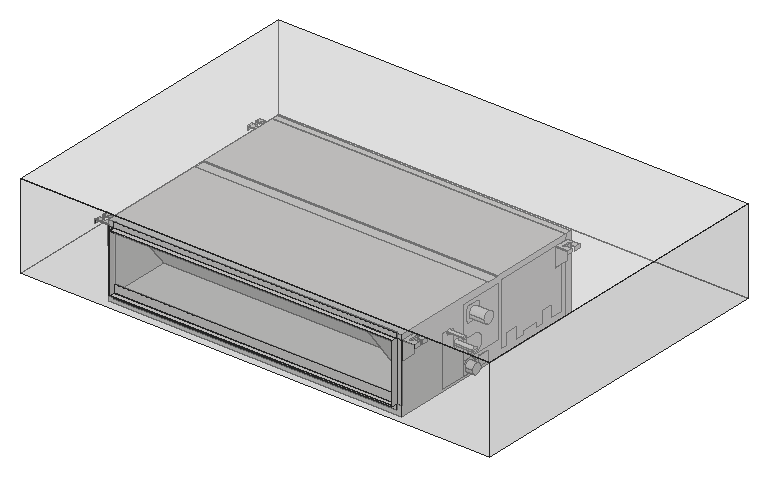
Revit family "outputfile", category 機械設備, Revit 2024
Family settings
  丸型コネクタ寸法 = 半径を使用
  パーツ タイプ = 標準
  OmniClass 番号 = 23.75.10.24.21.27.27
  OmniClass タイトル = Split System Air Conditioning Units
  作業面ベース = いいえ
  常に垂直 = はい
  ロード時にボイドで切り取り = いいえ
  注釈の向きを維持 = いいえ
  共有 = いいえ
  部屋計算ポイント = はい
Parameters (values of type "FDMC85AV1M")
  Description = ""
  書き出し IFC クラス(タイプ) = "IfcUnitaryEquipmentType"
  定義済み IFC タイプ(タイプ) = "AIRCONDITIONINGUNIT"
  Cost = 0
  Type Comments = ""
  Keynote = ""
  Type Image = (empty or 0)
  Assembly Code = ""
  switch_frequency = yes
  connector_voltage = Voltage_50Hz  # 230 V
  connector_powerinput = [Power Input (Cooling)]  # 2.770 kW
  connector_phase = Phase_50Hz  # 1
  URL = ""
  Supply Air Direction [instance] = yes
  製造元 = "Daikin"
  モデル = "FDMC85AV1M"
  w_pipe = 33 mm
  r_Liquid Pipe Size = Liquid Pipe Size / 2  # 4.75 mm
  r_Gas Pipe Size = Gas Pipe Size / 2  # 7.95 mm
  r_Drain Pipe Size = Drain Pipe Size / 2  # 16.0 mm
  lw_powersupply = Width / 2  # 500 mm
  lw_ductflange2 = 962 mm
  lw_Width = 962 mm
  lh_suctionflange [instance] = 100 mm
  ld_suctionflange [instance] = 190 mm
  ld_powersupply = 263 mm
  angle_vertical_RA [instance] = 90.00°
  angle horizontal_RA [instance] = 180.00°
  Voltage_comment_50Hz = "220 - 240"
  Voltage_50Hz = 230 V
  Sound Power Level_H speed (dB) = 0
  RA_length = 190 mm  # constant formula
  Phase_50Hz = 1
  Minimum External Static Pressure = 0.00 Pa
  Minimum Circuit Amps_50Hz = 25.25 A
  Maximum Fuse Amps_50Hz = 25.0 A
  Maximum External Static Pressure = 0.00 Pa
  Material_Casing = DAIKIN_GalvanizedSteel_Casing_indoorunit
  lw_liquidpipe = 557.9 mm
  lw_gaspipe = 567.5 mm
  lw_mountinghole_pitch = 1046 mm
  lw_mountinghole = 20 mm
  lw_drainpipe = 526 mm
  lh_powersupply = 43.2 mm
  lh_liquidpipe = 175 mm
  lh_gaspipe = 128 mm
  lh_mountinghole = Height + [h***] - 15 mm  # 235 mm
  lh_drainpipe = 29 mm
  lh_antena = (Height - lh_mountinghole) + 1 mm  # 16 mm
  ld_liquidpipe = 153 mm
  ld_gaspipe = 123 mm
  ld_mountinghole_pitch = 651 mm
  ld_drainpipe = 64 mm
  ld_controlbox = 626 mm
  h*** = 0 mm  # constant formula
  d_dischargeflange = 20 mm  # constant formula
  Width = 1000 mm
  Version = "ver.1.0"
  Unit Type = "Duct"
  Unit Mass Weight = 31.00 kg
  Unit Designation [instance] = ""
  Uniclass2015Version = "Products v1.30"
  Uniclass2015Title = "Split coil room air conditioning units"
  Uniclass2015Code = "Pr_70_65_03_86"
  Total Cooling Capacity [instance] = 0.000 kW
  Sound Pressure Level_M speed (dBA) = 38
  Sound Pressure Level_L speed (dBA) = 35
  Sound Pressure Level_H speed (dBA) = 41
  Series = "SkyAir_Fan Coil Unit"
  Sensible Cooling Capacity [instance] = 0.000 kW
  SA Duct Size Width = 962 mm
  SA Duct Size Height = 200 mm
  Refrigerant Type = "R32"
  RA Duct Size Width = 962 mm
  RA Duct Size Height = 214 mm
  Power Input (Cooling) = 2.770 kW
  Option Accessory 3 [instance] = ""
  Option Accessory 2 [instance] = ""
  Option Accessory 1 [instance] = ""
  Nominal Cooling Capacity = 8.790 kW
  Minimum Airflow = 1189.00 m³/h
  Median Airflow = 1376.00 m³/h
  Maximum Airflow = 1614.00 m³/h
  Load Classification = HVAC
  Liquid Pipe Size = 9.5 mm
  Link_Nested Family [instance] = ""
  IfcVersion = ""
  IfcExportType = "AIRCONDITIONINGUNIT"
  IfcExportAs = "IfcUnitaryEquipmentType"
  Height = 250 mm
  Heat Exchanger Type = "Cross Fin Coil"
  Gas Pipe Size = 15.9 mm
  Frequency_50Hz = 50 Hz
  Fan Type = "Sirocco Fan"
  Fan Drive = "-"
  FCU Tag No. [instance] = ""
  Drain Pipe Size = 32.0 mm
  Design Supply Airflow [instance] = 0.00 m³/h
  Design Return Airflow [instance] = 0.00 m³/h
  Design External Static Pressure [instance] = 0.00 Pa
  Depth = 700 mm
  既定の高さ = 0 mm
  Cooling Entering Wet Bulb Temperature [instance] = 0.00 °C
  Cooling Entering Dry Bulb Temperature [instance] = 0.00 °C
  Cooling Ambient Wet Bulb Temperature [instance] = 0.00 °C
  Cooling Ambient Dry Bulb Temperature [instance] = 0.00 °C
  Clearance visibility [instance] = yes
  Clearance Top = 20 mm
  Clearance Right = 300 mm
  Clearance Rear = 400 mm
  Clearance Left = 300 mm
  Clearance Front = 0 mm
  Clearance Bottom = 20 mm
Reference planes
  plane 1 "Center (Front/Back)": y = 0
  plane 2: z = 0
  plane 3 "Center (Left/Right)": x = 0
  plane 4 "Back": y = 350
  plane 5 "Front": y = -350
  plane 6 "Left": x = -500
  plane 7 "Right": x = 500
  plane 8 "Top": z = 0
  plane 9 "Bottom": z = -250
  plane 10: x = 481
  plane 11: x = -480.2
  plane 12: z = -72
  plane 13: z = -75
  plane 14: z = -122
  plane 15: x = -304
  plane 16: x = 304
  plane 17: x = -523
  plane 18: x = 523
  plane 19: x = 557.9
  plane 20: x = 567.5
  plane 21: z = -15
  plane 22 "Clearance Left": x = -800
  plane 23 "Clearance Right": x = 800
  plane 24 "Clearance Rear": y = 750
  plane 25 "Clearance Front": y = -350
  plane 26 "Clearance Bottom": z = -270
  plane 27: z = -21
  plane 28: z = -221
  plane 29: y = -123
  plane 30: y = -153
  plane 31: y = -30
  plane 32: y = -64
  plane 33: z = -118
  plane 34: y = -349.2
  plane 35: z = -150
  plane 36: y = 160
  plane 37: z = -151
  plane 38: x = 526
  plane 39: x = 495
  plane 40: x = 365.5
  plane 41: z = 102.5
  plane 42: y = 325.5
  plane 43: y = -325.5
  plane 44: y = 17.5
  plane 45: y = 57
  plane 46: x = 503.2
  plane 47: x = 505.2
  plane 48: y = -370
  plane 49: y = 390
  plane 50: z = -125
  plane 51: z = -70.5
  plane 52: z = -75.133
  plane 53: z = -75.5
  plane 54: z = -126.5
  plane 55: z = -239.8
  plane 56: z = -22.5
  plane 57: z = -192.5
  plane 58: z = -16
  plane 59 "Clearance Top": z = 20
  plane 60: z = -206.8
  plane 61: y = 263
  plane 62: y = -200
  plane 63: y = -300
  plane 64: y = -140
Forms (mm)
  Extrusion 1, solid, material "DAIKIN_GalvanizedSteel_Casing_indoorunit" <- "Material_Casing"
    sketch origin (0, 0, 0) x (1, 0, 0) y (0, 1, 0)
      loop
        line (-500, -349.2) -> (500, -349.2) -> (500, 350) -> (-500, 350) -> (-500, -349.2)
    from -250 to 0
  Extrusion 2, void
    sketch origin (0, 0, 1) x (1, 0, 0) y (0, 1, 0)
      loop
        line (-500, 57) -> (-500, 17.5) -> (500, 17.5) -> (500, 57) -> (-500, 57)
    from -1 to -5
  Extrusion 3, void
    sketch origin (0, 0, 0) x (0, 1, 0) y (0, 0, 1)
      loop
        line (-91.914, -222) -> (-91.914, -246.5) -> (-36.314, -246.5) -> (-36.314, -219.481)
        arc (-36.314, -219.481) -> (-65.261, -194.229) -> (-91.8, -222) r 27.8
    from 500 to 495
  Revolve 4, solid, material "DAIKIN_GalvanizedSteel_Casing_indoorunit" <- "Material_Casing"
    sketch origin (0, 0, -122) x (0, -1, 0) y (1, 0, 0)
      loop
        line (115.05, 500) -> (123, 500) -> (123, 567.5) -> (115.05, 567.5) -> (115.05, 500)
      axis (123, 500) -> (123, 567.5)
    angle from 0 to 360
  Revolve 5, solid, material "DAIKIN_GalvanizedSteel_Casing_indoorunit" <- "Material_Casing"
    sketch origin (0, 0, -75) x (0, -1, 0) y (1, 0, 0)
      loop
        line (153, 500) -> (153, 557.9) -> (148.25, 557.9) -> (148.25, 500) -> (153, 500)
      axis (153, 557.9) -> (153, 500)
    angle from 0 to 360
  Extrusion 6, solid, material "DAIKIN_GalvanizedSteel_Casing_indoorunit" <- "Material_Casing"
    sketch origin (0, 0, 0) x (0, 1, 0) y (0, 0, 1)
      loop
        circle (-64, -221) r 16
    from 526 to 500
  Extrusion 7, solid, material "DAIKIN_GalvanizedSteel_Casing_indoorunit" <- "Material_Casing"
    sketch origin (0, 0, 0) x (0, 1, 0) y (0, 0, 1)
      loop
        line (-180, -70.5) -> (-180, -239.8) -> (-95, -239.8) -> (-95, -126.5) -> (-107, -126.5)
        arc (-107, -126.5) -> (-121.5, -141) -> (-136, -126.5) r 14.5
        line (-136, -126.5) -> (-136, -75.5) -> (-141.006, -75.5)
        arc (-141.006, -75.5) -> (-153.184, -87.131) -> (-165, -75.133) r 12
        line (-165, -75.133) -> (-165, -70.5) -> (-180, -70.5)
      loop
        line (-92, -22.5) -> (-92, -192.5) -> (54, -192.5) -> (54, -22.5) -> (-92, -22.5)
      loop
        line (71, -16) -> (71, -224.802) -> (87.805, -224.802) -> (87.805, -184.607) -> (134.195, -184.606) -> (134.195, -224.802) -> (161, -224.802) -> (161, -212.302) -> (221, -212.303) -> (221, -224.802) -> (239.805, -224.802) -> (239.805, -184.606) -> (286.195, -184.606) -> (286.195, -224.802) -> (321.994, -224.802) -> (321.994, -82) -> (298.5, -82) -> (298.5, -16) -> (71, -16)
    from 500 to 503.2
  Extrusion 8, solid, material "DAIKIN_GalvanizedSteel_Casing_indoorunit" <- "Material_Casing"
    sketch origin (0, 0, 0) x (0, 1, 0) y (0, 0, 1)
      loop
        line (-27.5, -74.5) -> (-27.5, -41.5)
        arc (-27.5, -41.5) -> (-30.136, -35.136) -> (-36.5, -32.5) r 9
        line (-36.5, -32.5) -> (-69.5, -32.5)
        arc (-69.5, -32.5) -> (-75.864, -35.136) -> (-78.5, -41.5) r 9
        line (-78.5, -41.5) -> (-78.5, -74.5)
        arc (-78.5, -74.5) -> (-75.864, -80.864) -> (-69.5, -83.5) r 9
        line (-69.5, -83.5) -> (-36.5, -83.5)
        arc (-36.5, -83.5) -> (-30.136, -80.864) -> (-27.5, -74.5) r 9
      loop
        arc (8, -234.5) -> (9.415, -233.914) -> (10.001, -232.499) r 2.001
        line (10.001, -232.499) -> (9.997, -206.503)
        arc (9.997, -206.503) -> (9.412, -205.091) -> (8, -204.506) r 1.997
        line (8, -204.506) -> (-25.997, -204.506)
        arc (-25.997, -204.506) -> (-27.415, -205.094) -> (-28.002, -206.511) r 2.005
        line (-28.002, -206.511) -> (-28.002, -232.499)
        arc (-28.002, -232.499) -> (-27.416, -233.914) -> (-26.001, -234.5) r 2.001
        line (-26.001, -234.5) -> (8, -234.5)
      loop
        arc (-77.358, -152.358) -> (-25.548, -177.591) -> (-59.394, -130.95) r 29.7
        arc (-59.394, -130.95) -> (-62.843, -131.688) -> (-66.339, -131.219) r 10.3
        line (-66.339, -131.219) -> (-72.946, -129.136)
        arc (-72.946, -129.136) -> (-80.627, -131.374) -> (-81.498, -139.327) r 7.2
        line (-81.498, -139.327) -> (-78.299, -145.472)
        arc (-78.299, -145.472) -> (-77.23, -148.833) -> (-77.358, -152.358) r 10.3
    from 500 to 505.2
  Extrusion 9, solid, material "DAIKIN_GalvanizedSteel_Casing_indoorunit" <- "Material_Casing"
    sketch origin (0, 0, 0) x (0, 1, 0) y (0, 0, 1)
      loop
        circle (-53, -58) r 18.9
    from 500 to 557.9
  Extrusion 10, void
    sketch origin (0, 0, 0) x (0, 1, 0) y (0, 0, 1)
      loop
        line (-350, -18.8) -> (-350, -217.2) -> (-200, -217.2) -> (-349.2, -18.8) -> (-350, -18.8)
    from -480.2 to 481
  Extrusion 11, void
    sketch origin (0, 0, 0) x (0, 1, 0) y (0, 0, 1)
      loop
        line (-350, -18.8) -> (-350, -217.2) -> (-140, -217.2) -> (-300, -18.8) -> (-350, -18.8)
    from -480.2 to 365.5
Cuts and joins
  Extrusion 2, Extrusion 3, Extrusion 10, Extrusion 11 cuts Extrusion 1
  joined: Extrusion 7, Extrusion 8, Extrusion 9
Dimensions and locks
  "Height": plane 8 "Top" to plane 9 "Bottom"
  equal spacing: plane 15, plane 3 "Center (Left/Right)", plane 16, locked at 304 each
  locked: plane 15 to plane 16 at 608
  equal spacing: plane 17, plane 3 "Center (Left/Right)", plane 18
  "lw_mountinghole_pitch": plane 17 to plane 18
  locked: plane 12 to plane 9 "Bottom" at 178
  "lh_liquidpipe": plane 13 to plane 9 "Bottom"
  "lh_gaspipe": plane 14 to plane 9 "Bottom"
  "lh_mountinghole": plane 21 to plane 9 "Bottom"
  equal spacing: plane 6 "Left", plane 3 "Center (Left/Right)", plane 7 "Right"
  "Width": plane 6 "Left" to plane 7 "Right"
  "Clearance Right": plane 7 "Right" to plane 23 "Clearance Right"
  "Clearance Left": plane 22 "Clearance Left" to plane 6 "Left"
  "Clearance Rear": plane 24 "Clearance Rear" to plane 4 "Back"
  "Clearance Front": plane 5 "Front" to plane 25 "Clearance Front"
  locked: plane 8 "Top" to plane 27 at 21
  "Depth": plane 4 "Back" to plane 5 "Front"
  equal spacing: plane 4 "Back", plane 1 "Center (Front/Back)", plane 5 "Front"
  "ld_suctionflange": plane 4 "Back" to plane 36
  locked: plane 37 to plane 9 "Bottom" at 99
  plane 7 "Right" to plane 40 = 134.5 mm
  "r_Gas Pipe Size": nested 6 to Revolve 4 sketch curve
  "r_Liquid Pipe Size": nested 5 to Revolve 5 sketch curve
  equal spacing: plane 42, plane 1 "Center (Front/Back)", plane 43
  "ld_mountinghole_pitch": plane 42 to plane 43
  locked: plane 33 to plane 9 "Bottom" at 132
  "lw_liquidpipe": plane 3 "Center (Left/Right)" to plane 19
  "lw_gaspipe": plane 3 "Center (Left/Right)" to plane 20
  "lw_drainpipe": plane 3 "Center (Left/Right)" to plane 38
  "ld_drainpipe": plane 32 to plane 1 "Center (Front/Back)"
  "ld_gaspipe": plane 29 to plane 1 "Center (Front/Back)"
  "ld_liquidpipe": plane 30 to plane 1 "Center (Front/Back)"
  "lh_drainpipe": plane 28 to plane 9 "Bottom"
  locked: plane 7 "Right" to plane 46 at 3.2
  locked: plane 46 to plane 47 at 2
  equal spacing: plane 8 "Top", plane 50, plane 9 "Bottom"
  plane 51 to plane 52 to plane 53 to plane 54 to plane 55 = 4.633 mm locked, 0.367 mm locked, 51 mm locked, 113.3 mm locked
  plane 8 "Top" to plane 56 to plane 57 = 22.5 mm locked, 170 mm locked
  locked: plane 8 "Top" to plane 58 at 16
  locked: plane 40 to plane 10 at 115.5
  locked: plane 17 to plane 11 at 42.8
  locked: plane 39 to plane 7 "Right" at 5
  "Clearance Top": plane 59 "Clearance Top" to plane 8 "Top"
  "Clearance Bottom": plane 9 "Bottom" to plane 26 "Clearance Bottom"
  "lh_powersupply": plane 60 to plane 9 "Bottom"
  "ld_powersupply": plane 61 to plane 1 "Center (Front/Back)"
  locked: plane 34 to plane 5 "Front" at 0.8
  locked: plane 5 "Front" to plane 48 at 20
  locked: plane 5 "Front" to plane 62 at 150
  plane 5 "Front" to plane 63 to plane 64 = 50 mm locked, 160 mm locked
  "r_Drain Pipe Size": radius of Extrusion 6 sketch curve
  aligned and locked: level to plane 2
  aligned and locked: Extrusion 1 to plane 9 "Bottom"
  aligned and locked: plane 8 "Top" to Extrusion 1
  aligned and locked: Revolve 4 sketch curve to Revolve 4 sketch curve
  aligned and locked: plane 19 to nested 5
  aligned and locked: nested 5 to plane 13
  aligned and locked: plane 18 to nested 2
  aligned and locked: plane 17 to nested 3
  aligned and locked: plane 17 to nested 4
  aligned and locked: nested 6 to plane 14
  aligned and locked: plane 29 to nested 6
  aligned and locked: plane 30 to nested 5
  aligned and locked: Extrusion 6 sketch curve to plane 32
  aligned and locked: plane 8 "Top" to Extrusion 2
  aligned and locked: plane 24 "Clearance Rear" to nested 11
  aligned and locked: plane 23 "Clearance Right" to nested 11
  aligned and locked: plane 22 "Clearance Left" to nested 11
  aligned and locked: nested 11 to plane 25 "Clearance Front"
  aligned and locked: plane 7 "Right" to cut or joined group of Extrusion 1, Extrusion 2, Extrusion 3, Extrusion 10, Extrusion 11  (x3)
  aligned and locked: cut or joined group of Extrusion 1, Extrusion 2, Extrusion 3, Extrusion 10, Extrusion 11 to plane 39
  aligned and locked: plane 38 to Extrusion 6
  aligned and locked: plane 20 to nested 6
  aligned and locked: plane 3 "Center (Left/Right)" to nested 12
  aligned and locked: plane 18 to nested 1
  aligned and locked: plane 32 to nested 7
  aligned and locked: nested 7 to plane 28
  aligned and locked: plane 38 to nested 7
  aligned and locked: nested 9 to plane 1 "Center (Front/Back)"
  aligned and locked: plane 3 "Center (Left/Right)" to nested 9
  aligned and locked: plane 33 to nested 8
  aligned and locked: level to plane 8 "Top"
  aligned and locked: nested 1 to plane 42
  aligned and locked: nested 2 to plane 43
  aligned and locked: nested 4 to plane 42
  aligned and locked: nested 3 to plane 43
  aligned and locked: nested 12 to plane 21
  aligned and locked: cut or joined group of Extrusion 1, Extrusion 2, Extrusion 3, Extrusion 10, Extrusion 11 to plane 34
  aligned and locked: nested 13 to plane 33
  aligned and locked: Extrusion 2 sketch curve to plane 6 "Left"
  aligned and locked: plane 7 "Right" to Extrusion 2 sketch curve
  aligned and locked: plane 44 to Extrusion 2 sketch curve
  aligned and locked: plane 45 to Extrusion 2 sketch curve
  aligned and locked: plane 3 "Center (Left/Right)" to nested 10
  aligned and locked: nested 10 to plane 4 "Back"
  aligned and locked: plane 46 to Extrusion 7
  aligned and locked: Extrusion 7 to plane 7 "Right"
  aligned and locked: Extrusion 8 to plane 7 "Right"
  aligned and locked: plane 47 to Extrusion 8
  aligned and locked: plane 19 to Extrusion 9
  aligned and locked: Extrusion 9 to plane 7 "Right"
  aligned and locked: nested 8 to plane 48
  aligned and locked: plane 49 to nested 14
  aligned and locked: nested 14 to plane 3 "Center (Left/Right)"
  aligned and locked: nested 14 to plane 50
  aligned and locked: plane 54 to Extrusion 7 sketch curve  (x2)
  aligned and locked: plane 52 to Extrusion 7 sketch curve
  aligned and locked: plane 56 to Extrusion 7 sketch curve
  aligned and locked: plane 57 to Extrusion 7 sketch curve
  aligned and locked: plane 58 to Extrusion 7 sketch curve
  aligned and locked: plane 3 "Center (Left/Right)" to nested 13
  aligned and locked: plane 59 "Clearance Top" to nested 11
  aligned and locked: nested 11 to plane 26 "Clearance Bottom"
  aligned and locked: plane 7 "Right" to nested 15
  aligned and locked: nested 15 to plane 60
  aligned and locked: plane 34 to nested 13
  aligned and locked: plane 5 "Front" to Extrusion 10 sketch curve
  aligned and locked: cut or joined group of Extrusion 1, Extrusion 2, Extrusion 3, Extrusion 10, Extrusion 11 to plane 11  (x2)
  aligned and locked: plane 10 to cut or joined group of Extrusion 1, Extrusion 2, Extrusion 3, Extrusion 10, Extrusion 11
  aligned and locked: Extrusion 11 sketch curve to plane 5 "Front"
  aligned and locked: plane 63 to Extrusion 11 sketch curve
  aligned and locked: plane 64 to Extrusion 11 sketch curve
  aligned and locked: cut or joined group of Extrusion 1, Extrusion 2, Extrusion 3, Extrusion 10, Extrusion 11 to plane 40
  aligned and locked: Extrusion 6 to plane 7 "Right"
  aligned and locked: Revolve 4 to plane 7 "Right"
  aligned and locked: Revolve 5 to plane 7 "Right"
Automatic sketch dimensions
  Extrusion 1 sketch curve to plane 4 "Back" = 0 mm
  Extrusion 1 sketch curve to plane 6 "Left" = 0 mm
  Extrusion 1 sketch curve to plane 7 "Right" = 0 mm
  plane 34 to Extrusion 1 sketch curve = 0 mm
  Extrusion 6 sketch curve to plane 28 = 0 mm
  Revolve 4 sketch curve to plane 20 = 0 mm
  Revolve 4 sketch curve to plane 29 = 0 mm
  Revolve 4 sketch curve to Revolve 4 sketch curve = 2.003 mm
  plane 20 to Revolve 4 sketch curve = 1.003 mm
  Revolve 5 sketch curve to plane 30 = 0 mm  (x2)
  Revolve 5 sketch curve to plane 19 = 0 mm  (x2)
  Revolve 5 sketch curve to plane 7 "Right" = 0 mm
  Revolve 5 sketch curve to Revolve 5 sketch curve = 1 mm
  Revolve 4 sketch curve to plane 7 "Right" = 0 mm
  plane 9 "Bottom" to Extrusion 3 sketch curve = 3.5 mm
  Extrusion 3 sketch curve to plane 31 = 6.314 mm
  Extrusion 3 sketch curve to plane 28 = 1 mm  (x2)
  plane 32 to Extrusion 3 sketch curve = 0 mm
  Extrusion 3 sketch curve to Extrusion 3 sketch curve = 0.114 mm
  Extrusion 8 sketch curve to plane 32 = 14.5 mm
  plane 13 to Extrusion 8 sketch curve = 0.5 mm  (x2)
  Extrusion 8 sketch curve to plane 32 = 5.5 mm  (x2)
  Extrusion 8 sketch curve to plane 31 = 6.5 mm  (x2)
  Extrusion 8 sketch curve to plane 27 = 20.5 mm
  plane 31 to Extrusion 8 sketch curve = 1.998 mm
  Extrusion 8 sketch curve to Extrusion 8 sketch curve = 2.001 mm  (x2)
  Extrusion 8 sketch curve to Extrusion 8 sketch curve = 2.005 mm
  Extrusion 8 sketch curve to plane 1 "Center (Front/Back)" = 8 mm  (x2)
  plane 28 to Extrusion 8 sketch curve = 16.494 mm
  Extrusion 8 sketch curve to Extrusion 8 sketch curve = 1.994 mm
  Extrusion 8 sketch curve to Extrusion 8 sketch curve = 1.997 mm
  Extrusion 8 sketch curve to plane 32 = 17.498 mm
  Extrusion 8 sketch curve to plane 35 = 0.228 mm
  Extrusion 8 sketch curve to Extrusion 8 sketch curve = 5.937 mm
  plane 35 to Extrusion 8 sketch curve = 4.528 mm
  Extrusion 8 sketch curve to Extrusion 8 sketch curve = 3.199 mm
  Extrusion 8 sketch curve to Extrusion 8 sketch curve = 6.386 mm
  Extrusion 8 sketch curve to plane 14 = 7.136 mm
  Extrusion 8 sketch curve to Extrusion 8 sketch curve = 2.165 mm
  Extrusion 8 sketch curve to plane 32 = 2.339 mm
  plane 32 to Extrusion 8 sketch curve = 0.758 mm
  Extrusion 8 sketch curve to plane 37 = 7.5 mm
  plane 32 to Extrusion 8 sketch curve = 15.7 mm
  Extrusion 8 sketch curve to Extrusion 8 sketch curve = 6.145 mm
  Extrusion 8 sketch curve to Extrusion 8 sketch curve = 2.083 mm
  plane 14 to Extrusion 8 sketch curve = 0.604 mm
  Extrusion 8 sketch curve to Extrusion 8 sketch curve = 0 mm
  plane 32 to Extrusion 9 sketch curve = 11 mm
  plane 12 to Extrusion 9 sketch curve = 14 mm
  Extrusion 7 sketch curve to plane 30 = 0 mm
  Extrusion 7 sketch curve to plane 30 = 27 mm
  Extrusion 7 sketch curve to plane 13 = 0.5 mm
  Extrusion 7 sketch curve to Extrusion 7 sketch curve = 5.006 mm
  plane 12 to Extrusion 7 sketch curve = 1.5 mm
  Extrusion 7 sketch curve to Extrusion 7 sketch curve = 12 mm
  Extrusion 7 sketch curve to plane 30 = 12 mm
  plane 29 to Extrusion 7 sketch curve = 1.5 mm
  Extrusion 7 sketch curve to plane 32 = 28 mm
  Extrusion 7 sketch curve to Extrusion 7 sketch curve = 17 mm
  Extrusion 7 sketch curve to plane 28 = 3.802 mm  (x8)
  Extrusion 7 sketch curve to plane 42 = 27 mm
  Extrusion 7 sketch curve to plane 42 = 3.506 mm  (x2)
  Extrusion 7 sketch curve to plane 53 = 6.5 mm
  plane 57 to Extrusion 7 sketch curve = 7.893 mm
  Extrusion 7 sketch curve to Extrusion 7 sketch curve = 0 mm  (x2)
  plane 57 to Extrusion 7 sketch curve = 7.894 mm  (x2)
  plane 36 to Extrusion 7 sketch curve = 1 mm  (x2)
  plane 28 to Extrusion 7 sketch curve = 8.697 mm
  Extrusion 3 sketch curve to Extrusion 3 sketch curve = 27.914 mm
  Extrusion 7 sketch curve to plane 55 = 0 mm
  Extrusion 8 sketch curve to plane 28 = 11.499 mm
  Extrusion 7 sketch curve to Extrusion 7 sketch curve = 60 mm
  Extrusion 10 sketch curve to plane 34 = 0 mm
  plane 28 to Extrusion 10 sketch curve = 3.8 mm
  plane 27 to Extrusion 10 sketch curve = 2.2 mm
  Extrusion 10 sketch curve to plane 30 = 47 mm
  plane 28 to Extrusion 11 sketch curve = 3.8 mm
  plane 27 to Extrusion 11 sketch curve = 2.2 mm
  radius of Extrusion 9 sketch curve = 18.9 mm
Nested families
  nested 1: "daikin_mountinghole" at (523, 325.5, -250), l_antenna <- "lh_antena", Link_Nested Family <- "Link_Nested Family", h_mountinghole <- "lh_mountinghole", type "daikin_mountinghole"
    with show yes, l_antenna 16 mm, h_mountinghole 235 mm, Link_Nested Family ""
  nested 2: "daikin_mountinghole" at (523, -325.5, -250), Link_Nested Family <- "Link_Nested Family", l_antenna <- "lh_antena", h_mountinghole <- "lh_mountinghole", type "daikin_mountinghole"
    with show yes, l_antenna 16 mm, h_mountinghole 235 mm, Link_Nested Family ""
  nested 3: "daikin_mountinghole" at (-523, -325.5, -250), l_antenna <- "lh_antena", Link_Nested Family <- "Link_Nested Family", h_mountinghole <- "lh_mountinghole", type "daikin_mountinghole"
    with show yes, l_antenna 16 mm, h_mountinghole 235 mm, Link_Nested Family ""
  nested 4: "daikin_mountinghole" at (-523, 325.5, -250), l_antenna <- "lh_antena", Link_Nested Family <- "Link_Nested Family", h_mountinghole <- "lh_mountinghole", type "daikin_mountinghole"
    with show yes, l_antenna 16 mm, h_mountinghole 235 mm, Link_Nested Family ""
  nested 5: "daikin_connector_rotate2" at (0, -153, -75) x (0, 1, 0) z (0, 0, 1), length <- "lw_liquidpipe", built-in parameter 1001364 <- "lh_liquidpipe", radius <- "r_Liquid Pipe Size", type "daikin_connector_rotate2"
    with radius 4.75 mm, length 557.9 mm, angle_vertical 90.00°
  nested 6: "daikin_connector_rotate2" at (0, -123, -122) x (0, 1, 0) z (0, 0, 1), length <- "lw_gaspipe", built-in parameter 1001364 <- "lh_gaspipe", radius <- "r_Gas Pipe Size", type "daikin_connector_rotate2"
    with radius 7.95 mm, length 567.5 mm, angle_vertical 90.00°
  nested 7: "daikin_connector_rotate2" at (0, -64, -221) x (0, 1, 0) z (0, 0, 1), built-in parameter 1001364 <- "lh_drainpipe", length <- "lw_drainpipe", radius <- "r_Drain Pipe Size", type "daikin_connector_rotate2"
    with radius 16 mm, length 526 mm, angle_vertical 90.00°
  nested 8: "daikin_connector_rotate2" at (0, -350, -118), length <- "d_dischargeflange", type "daikin_connector_rotate2"
    with radius 10 mm, length 20 mm, angle_vertical 90.00°
  nested 9: "daikin_△_symbolicline" at (-75, -129.904, 250) x (-0.5, 0.866, 0) z (0, 0, 1), built-in parameter 1001364 <- "Height", visible <- "Supply Air Direction", type "daikin_△_symbolicline"
    with length 300 mm
  nested 10: "daikin_ductflange_FDMC-AV1M_1" at (0, 350, -125), material <- "Material_Casing", width <- "lw_ductflange2", type "daikin_ductflange_FDMC-AV1M_1"
    with width 962 mm, material DAIKIN_GalvanizedSteel_Casing_indoorunit, height 214 mm, depth 40 mm
  nested 11: "daikin_clearancespace" at (0, 200, -124.881), visible <- "Clearance visibility", show <- "Clearance visibility", Link_Nested Family <- "Link_Nested Family", type "daikin_clearancespace"
    with width 1600 mm, show yes, height 290 mm, depth 1100 mm, Link_Nested Family ""
  nested 12: "daikin_hangerfixture_FDMC-AV1M" at (0, 0, -15), type "daikin_hangerfixture_FDMC-AV1M"
    with width 1000 mm
  nested 13: "daikin_ductflange_FDMC-AV1M" at (0, -35.7, -407.401), width <- "lw_Width", material <- "Material_Casing", type "daikin_ductflange_FDMC-AV1M"
    with width 962 mm, material DAIKIN_GalvanizedSteel_Casing_indoorunit, height 200 mm, depth 20.8 mm
  nested 14: "daikin_connector_rotate2" at (0, 350, -125) x (-1, 0, 0) z (0, 0, 1), type "daikin_connector_rotate2"
    with radius 10 mm, length 40 mm, angle_vertical 90.00°
  nested 15: "daikin_connector_rotate2" at (0, 263, -206.8) x (0, 1, 0) z (0, 0, 1), length <- "lw_powersupply", built-in parameter 1001364 <- "lh_powersupply", type "daikin_connector_rotate2"
    with radius 10 mm, length 500 mm, angle_vertical 90.00°
Connectors
  piping at (567.5, -123, -122), diameter 15.9, driven by "r_Gas Pipe Size"
    settings: on nested 6, index 1, connector inside diameter 609.6 mm, connector length 0 mm, flow factor 0, pipe flow 0.00 m³/h, pressure drop 0.0 Pa, fitting loss kfactor 0, connector angle 0.00°, fixture units 0, engagement length 0 mm, angle of deflection 0.00°, flow configuration 1, flow direction 2, fitting loss method 0, system type 29, joint type 0, gender type 0, connector reference index -1, connector utility 0, adjustable connector no, is connector primary yes, connector description "Refrigerant Gas Piping"
  piping at (557.9, -153, -75), diameter 9.5, driven by "r_Liquid Pipe Size"
    settings: on nested 5, index 2, connector inside diameter 609.6 mm, connector length 0 mm, flow factor 0, pipe flow 0.00 m³/h, pressure drop 0.0 Pa, fitting loss kfactor 0, connector angle 0.00°, fixture units 0, engagement length 0 mm, angle of deflection 0.00°, flow configuration 1, flow direction 1, fitting loss method 0, system type 29, joint type 0, gender type 0, connector reference index -1, connector utility 0, adjustable connector no, is connector primary no, connector description "Refrigerant Liquid Piping"
  piping at (526, -64, -221), diameter 32, driven by "r_Drain Pipe Size"
    settings: on nested 7, index 3, connector inside diameter 609.6 mm, connector length 0 mm, flow factor 0, pipe flow 0.00 m³/h, pressure drop 0.0 Pa, fitting loss kfactor 0, connector angle 0.00°, fixture units 0, engagement length 0 mm, angle of deflection 0.00°, flow configuration 1, flow direction 2, fitting loss method 4, system type 16, joint type 0, gender type 0, connector reference index -1, connector utility 0, adjustable connector no, is connector primary no, connector description "Condensate Drain Piping"
  hvac at (0, -370, -118), driven by "SA Duct Size Height", driven by "SA Duct Size Width"
    settings: on nested 8, index 7, duct flow 0.00 m³/h, flow factor 0, pres drop 0.00 Pa, loss coef 0, conn angle 0.00°, conn width 962.0 mm, conn height 200.0 mm, conn diameter 609.6 mm, duct sys type 1, conn prof type 1, flow config 0, flow direction 2, loss method 4, conn ref index -1, conn util no, is conn primary yes, conn desc "SA Duct"
  hvac at (0, 390, -125), driven by "RA Duct Size Width", driven by "RA Duct Size Height"
    settings: on nested 14, index 8, duct flow 0.00 m³/h, flow factor 0, pres drop 0.00 Pa, loss coef 0, conn angle 0.00°, conn width 962.0 mm, conn height 214.0 mm, conn diameter 609.6 mm, duct sys type 2, conn prof type 1, flow config 0, flow direction 1, loss method 4, conn ref index -1, conn util no, is conn primary no, conn desc "RA Duct"
  electrical at (500, 263, -206.8), driven by "Load Classification", driven by "connector_powerinput", driven by "connector_voltage", driven by "connector_phase"
    settings: on nested 15, index 9, voltage 230 V, apparent load 2770 VA, apparent load phase1 0 VA, apparent load phase2 0 VA, apparent load phase3 0 VA, power factor 1, load classification "HVAC", number of poles 1, system type 30, power factor state 1, is connector primary yes, connector utility no, sub classification motor no, connector description "Power Supply"
Definition of nested family "daikin_ductflange_FDMC-AV1M_1"
  Parameters (values of type "daikin_ductflange_FXDQ-NDVET2")
    width [instance] = 662 mm
    material [instance] = none
    height [instance] = 214 mm
    depth [instance] = 40 mm
    Default Elevation = 0 mm
  Reference planes
    plane 1 "Center (Front/Back)": y = 0
    plane 2: z = 0
    plane 3 "Center (Left/Right)": x = 0
    plane 4: x = -331
    plane 5: x = 331
    plane 6: z = 107
    plane 7: z = -107
    plane 8: x = -350
    plane 9: x = 350
    plane 10: z = 124
    plane 11: z = -124
    plane 12: y = 20
    plane 13: x = -330.2
    plane 14: x = 330.2
    plane 15: z = 106.2
    plane 16: z = -106.2
    plane 17: y = 40
    plane 18: x = -330.2
    plane 19: z = 106.2
    plane 20: z = -106.2
    plane 21: x = 330.2
  Forms (mm)
    Extrusion 1, solid, material <- "material"
      sketch origin (0, 0, 0) x (1, 0, 0) y (0, 0, 1)
        loop
          line (-330.2, 106.2) -> (-330.2, -106.2) -> (330.2, -106.2) -> (330.2, 106.2) -> (-330.2, 106.2)
        loop
          line (-350, 124) -> (-350, -124) -> (350, -124) -> (350, 124) -> (-350, 124)
      from 0 to -20
    Extrusion 2, solid, material <- "material"
      sketch origin (0, 0, 0) x (1, 0, 0) y (0, 0, 1)
        loop
          line (-331, 107) -> (-331, -107) -> (331, -107) -> (331, 107) -> (-331, 107)
        loop
          line (-330.2, 106.2) -> (-330.2, -106.2) -> (330.2, -106.2) -> (330.2, 106.2) -> (-330.2, 106.2)
      from -40 to -20
  Cuts and joins
    joined: Extrusion 1, Extrusion 2
  Dimensions and locks
    equal spacing: plane 5, plane 3 "Center (Left/Right)", plane 4
    "width": plane 5 to plane 4
    equal spacing: plane 6, level, plane 7
    "height": plane 6 to plane 7
    locked: plane 4 to plane 8 at 19
    locked: plane 9 to plane 5 at 19
    locked: plane 10 to plane 6 at 17
    locked: plane 7 to plane 11 at 17
    locked: plane 1 "Center (Front/Back)" to plane 12 at 20
    locked: plane 13 to plane 4 at 0.8
    locked: plane 5 to plane 14 at 0.8
    locked: plane 6 to plane 15 at 0.8
    locked: plane 16 to plane 7 at 0.8
    locked: plane 12 to plane 17 at 20
    locked: plane 18 to plane 4 at 0.8
    locked: plane 5 to plane 21 at 0.8
    locked: plane 6 to plane 19 at 0.8
    locked: plane 20 to plane 7 at 0.8
    locked: plane 1 "Center (Front/Back)" to plane 17 at 40
    aligned and locked: level to plane 2
    aligned and locked: Extrusion 1 sketch curve to plane 10
    aligned and locked: plane 8 to Extrusion 1 sketch curve
    aligned and locked: Extrusion 1 sketch curve to plane 9
    aligned and locked: Extrusion 1 to plane 12
    aligned and locked: plane 1 "Center (Front/Back)" to Extrusion 1
    aligned and locked: Extrusion 1 sketch curve to plane 15
    aligned and locked: plane 13 to Extrusion 1 sketch curve
    aligned and locked: plane 16 to Extrusion 1 sketch curve
    aligned and locked: plane 11 to Extrusion 1 sketch curve
    aligned and locked: Extrusion 1 sketch curve to plane 14
    aligned and locked: Extrusion 2 sketch curve to plane 6
    aligned and locked: plane 4 to Extrusion 2 sketch curve
    aligned and locked: plane 7 to Extrusion 2 sketch curve
    aligned and locked: Extrusion 2 sketch curve to plane 5
    aligned and locked: Extrusion 2 sketch curve to Extrusion 1  (x4)
    aligned and locked: Extrusion 2 to plane 17
    aligned and locked: Extrusion 2 to Extrusion 1
  Automatic sketch dimensions
    Extrusion 1 sketch curve to plane 10 = 0 mm
Definition of nested family "daikin_clearancespace"
  Parameters (values of type "daikin_clearancespace")
    Description = "daikin_clearancespace"
    width [instance] = 1823.963 mm
    show [instance] = yes
    material = none
    height [instance] = 1359.762 mm
    depth [instance] = 880 mm
    Default Elevation = 0 mm
    Link_Nested Family [instance] = ""
  Reference planes
    plane 1 "Center (Front/Back)": y = 0
    plane 2 "Center (Elevation)": z = -0.119
    plane 3 "Center (Left/Right)": x = 0
    plane 4: y = 440
    plane 5: y = -440
    plane 6 "Right": x = 911.982
    plane 7 "Left": x = -911.982
    plane 8 "Top": z = 679.762
    plane 9 "Bottom": z = -680
  Forms (mm)
    Extrusion 1, solid, material <- "material", visible <- "show"
      sketch origin (0, 0, 0) x (1, 0, 0) y (0, 1, 0)
        loop
          line (-911.982, 440) -> (-911.982, -440) -> (911.982, -440) -> (911.982, 440) -> (-911.982, 440)
      from -680 to 679.762
  Lines and regions (mm)
    symbolic lines, visible <- "show"
      curve 1: line (911.982, 440, 0) -> (-911.982, 440, 0)
      curve 2: line (-911.982, 440, 0) -> (-911.982, -440, 0)
      curve 3: line (-911.982, -440, 0) -> (911.982, -440, 0)
      curve 4: line (911.982, -440, 0) -> (911.982, 440, 0)
      curve 5: line (911.982, 0, 679.762) -> (-911.982, 0, 679.762)
      curve 6: line (911.982, 0, -680) -> (911.982, 0, 679.762)
      curve 7: line (-911.982, 0, -680) -> (911.982, 0, -680)
      curve 8: line (-911.982, 0, 679.762) -> (-911.982, 0, -680)
      curve 9: line (0, 440, 679.762) -> (0, -440, 679.762)
      curve 10: line (0, -440, 679.762) -> (0, -440, -680)
      curve 11: line (0, 440, -680) -> (0, 440, 679.762)
      curve 12: line (0, -440, -680) -> (0, 440, -680)
  Dimensions and locks
    "width": plane 7 "Left" to plane 6 "Right"
    "depth": plane 4 to plane 5
    "height": plane 8 "Top" to plane 9 "Bottom"
    equal spacing: plane 7 "Left", plane 3 "Center (Left/Right)", plane 6 "Right"
    equal spacing: plane 4, plane 1 "Center (Front/Back)", plane 5
    equal spacing: plane 8 "Top", plane 2 "Center (Elevation)", plane 9 "Bottom"
    aligned and locked: level to plane 2 "Center (Elevation)"
    aligned and locked: Extrusion 1 sketch curve to plane 4
    aligned and locked: plane 7 "Left" to Extrusion 1 sketch curve
    aligned and locked: Extrusion 1 sketch curve to plane 5
    aligned and locked: Extrusion 1 sketch curve to plane 6 "Right"
    aligned and locked: plane 8 "Top" to Extrusion 1
    aligned and locked: curve 1 to Extrusion 1
    aligned and locked: curve 2 to Extrusion 1
    aligned and locked: curve 3 to Extrusion 1
    aligned and locked: curve 4 to Extrusion 1
    aligned and locked: curve 5 to Extrusion 1
    aligned and locked: curve 6 to Extrusion 1
    aligned and locked: curve 7 to Extrusion 1
    aligned and locked: curve 8 to Extrusion 1
    aligned and locked: curve 9 to Extrusion 1
    aligned and locked: curve 10 to Extrusion 1
    aligned and locked: curve 11 to Extrusion 1
    aligned and locked: curve 12 to Extrusion 1
    aligned and locked: Extrusion 1 to plane 9 "Bottom"
Definition of nested family "daikin_hangerfixture_FDMC-AV1M"
  Parameters (values of type "daikin_hangerfixture_FDMFC-AV1M")
    width = 700 mm
    material = none
    height = 65 mm
    depth = 700 mm
    Default Elevation = 0 mm
  Reference planes
    plane 1 "Center (Front/Back)": y = 0
    plane 2: z = 0
    plane 3 "Center (Left/Right)": x = 0
    plane 4: x = 350
    plane 5: y = 350
    plane 6: y = -350
    plane 7: x = -350
    plane 8: z = -65
    plane 9: y = 325.5
    plane 10: y = -325.5
    plane 11: y = 302
    plane 12: y = -302
    plane 13: x = 373
    plane 14: x = -373
  Forms (mm)
    Extrusion 1, void
      sketch origin (0, 0, 0) x (-1, 0, 0) y (0, -1, 0)
        loop
          arc (366.995, -334.5) -> (373, -340.5) -> (378.995, -334.489) r 6
          line (378.995, -334.489) -> (378.995, -333)
          arc (378.995, -333) -> (379.288, -332.293) -> (379.995, -332) r 1
          line (379.995, -332) -> (394.995, -332) -> (394.995, -319) -> (379.995, -319)
          arc (379.995, -319) -> (379.288, -318.707) -> (378.995, -318) r 1
          line (378.995, -318) -> (378.995, -316.464)
          arc (378.995, -316.464) -> (372.977, -310.5) -> (366.995, -316.5) r 6
          line (366.995, -316.5) -> (366.995, -334.5)
        loop
          line (367.28, 334.5) -> (367.28, 316.5)
          arc (367.28, 316.5) -> (373, 310.507) -> (379.254, 315.94) r 6
          line (379.254, 315.94) -> (379.254, 318)
          arc (379.254, 318) -> (379.547, 318.707) -> (380.254, 319) r 1
          line (380.254, 319) -> (395.254, 319) -> (395.254, 332) -> (380.254, 332)
          arc (380.254, 332) -> (379.547, 332.293) -> (379.254, 333) r 1
          line (379.254, 333) -> (379.254, 334.5)
          arc (379.254, 334.5) -> (373.267, 340.487) -> (367.28, 334.5) r 5.987
      from -254.96 to 618
    Extrusion 2, solid, material <- "material"
      sketch origin (0, 0, 0) x (-1, 0, 0) y (0, 0, 1)
        loop
          line (350, 0) -> (350, -65) -> (352.3, -65) -> (352.3, -2.3) -> (392.7, -2.3) -> (392.7, -12) -> (395, -12) -> (395, 0) -> (350, 0)
      from -349.5 to -301.5
    Extrusion 3, solid, material <- "material"
      sketch origin (0, 0, 0) x (1, 0, 0) y (0, 0, 1)
        loop
          line (350, 0) -> (350, -65) -> (352.3, -65) -> (352.3, -2.3) -> (392.7, -2.3) -> (392.7, -12) -> (395, -12) -> (395, 0) -> (350, 0)
      from -349.5 to -301.5
    Extrusion 4, void
      sketch origin (0, 0, 0) x (1, 0, 0) y (0, 1, 0)
        loop
          line (366.995, 334.5) -> (366.995, 316.5)
          arc (366.995, 316.5) -> (372.977, 310.5) -> (378.995, 316.464) r 6
          line (378.995, 316.464) -> (378.995, 318)
          arc (378.995, 318) -> (379.288, 318.707) -> (379.995, 319) r 1
          line (379.995, 319) -> (394.995, 319) -> (394.995, 332) -> (379.995, 332)
          arc (379.995, 332) -> (379.288, 332.293) -> (378.995, 333) r 1
          line (378.995, 333) -> (378.995, 334.489)
          arc (378.995, 334.489) -> (373, 340.5) -> (366.995, 334.5) r 6
        loop
          arc (367.026, -334.5) -> (373.026, -340.5) -> (379.026, -334.5) r 6
          line (379.026, -334.5) -> (379.026, -333)
          arc (379.026, -333) -> (379.319, -332.293) -> (380.026, -332) r 1
          line (380.026, -332) -> (395.026, -332) -> (395.026, -319) -> (380.026, -319)
          arc (380.026, -319) -> (379.319, -318.707) -> (379.026, -318) r 1
          line (379.026, -318) -> (379.026, -316.448)
          arc (379.026, -316.448) -> (373, -310.5) -> (367.026, -316.5) r 6
          line (367.026, -316.5) -> (367.026, -334.5)
      from -254.96 to 618
    Extrusion 5, solid, material <- "material"
      sketch origin (0, 0, 0) x (1, 0, 0) y (0, 0, -1)
        loop
          line (350, 0) -> (395, 0) -> (395, 12) -> (392.7, 12) -> (392.7, 2.3) -> (352.3, 2.3) -> (352.3, 65) -> (350, 65) -> (350, 0)
      from -349.5 to -301.5
    Extrusion 6, solid, material <- "material"
      sketch origin (0, 0, 0) x (-1, 0, 0) y (0, 0, -1)
        loop
          line (350, 0) -> (395, 0) -> (395, 12) -> (392.7, 12) -> (392.7, 2.3) -> (352.3, 2.3) -> (352.3, 65) -> (350, 65) -> (350, 0)
      from -349.5 to -301.5
  Cuts and joins
    Extrusion 1 cuts Extrusion 2
    Extrusion 4 cuts Extrusion 3
    Extrusion 4 cuts Extrusion 5
    Extrusion 1 cuts Extrusion 6
  Dimensions and locks
    equal spacing: plane 5, plane 1 "Center (Front/Back)", plane 6
    "depth": plane 5 to plane 6
    plane 6 to plane 1 "Center (Front/Back)" to plane 5 = 350 mm, 350 mm
    equal spacing: plane 4, plane 3 "Center (Left/Right)", plane 7
    "width": plane 4 to plane 7
    "height": level to plane 8
    equal spacing: plane 10, plane 1 "Center (Front/Back)", plane 9
    plane 10 to plane 9 = 651 mm
    plane 5 to plane 11 = 48 mm
    plane 12 to plane 6 = 48 mm
    locked: plane 7 to plane 14 at 23
    locked: plane 13 to plane 4 at 23
    plane 14 to plane 13 = 746 mm
    aligned and locked: level to plane 2
  Automatic sketch dimensions
    Extrusion 1 sketch curve to plane 7 = 17.28 mm
    Extrusion 1 sketch curve to plane 7 = 16.995 mm
    Extrusion 1 sketch curve to Extrusion 1 sketch curve = 5.987 mm  (x2)
    Extrusion 1 sketch curve to Extrusion 1 sketch curve = 6 mm  (x5)
    Extrusion 1 sketch curve to Extrusion 1 sketch curve = 5.974 mm
    Extrusion 1 sketch curve to Extrusion 1 sketch curve = 1 mm  (x5)
    plane 9 to Extrusion 1 sketch curve = 6.5 mm
    Extrusion 1 sketch curve to Extrusion 1 sketch curve = 15 mm  (x2)
    plane 10 to Extrusion 1 sketch curve = 6.5 mm
    Extrusion 1 sketch curve to plane 9 = 6.5 mm
    Extrusion 1 sketch curve to Extrusion 1 sketch curve = 1.49 mm
    plane 9 to Extrusion 1 sketch curve = 9 mm
    Extrusion 1 sketch curve to plane 10 = 9.56 mm
    Extrusion 1 sketch curve to Extrusion 1 sketch curve = 2.06 mm
    Extrusion 1 sketch curve to plane 10 = 6.5 mm
    Extrusion 1 sketch curve to Extrusion 1 sketch curve = 1.5 mm
    Extrusion 1 sketch curve to Extrusion 1 sketch curve = 0 mm  (x4)
    Extrusion 2 sketch curve to plane 7 = 0 mm
    Extrusion 2 sketch curve to plane 8 = 0 mm
    Extrusion 2 sketch curve to level = 0 mm
    Extrusion 2 sketch curve to plane 7 = 2.3 mm
    Extrusion 2 sketch curve to level = 2.3 mm
    Extrusion 2 sketch curve to Extrusion 2 sketch curve = 40.4 mm
    Extrusion 2 sketch curve to Extrusion 2 sketch curve = 2.3 mm
    Extrusion 2 sketch curve to Extrusion 2 sketch curve = 9.7 mm
    Extrusion 3 sketch curve to plane 4 = 0 mm
    Extrusion 3 sketch curve to plane 8 = 0 mm
    Extrusion 3 sketch curve to level = 0 mm
    plane 4 to Extrusion 3 sketch curve = 2.3 mm
    Extrusion 3 sketch curve to level = 2.3 mm
    Extrusion 3 sketch curve to Extrusion 3 sketch curve = 40.4 mm
    Extrusion 3 sketch curve to Extrusion 3 sketch curve = 2.3 mm
    Extrusion 3 sketch curve to Extrusion 3 sketch curve = 9.7 mm
    plane 4 to Extrusion 4 sketch curve = 17.026 mm
    plane 4 to Extrusion 4 sketch curve = 16.995 mm
    Extrusion 4 sketch curve to Extrusion 4 sketch curve = 6 mm  (x8)
    Extrusion 4 sketch curve to Extrusion 4 sketch curve = 1 mm  (x6)
    plane 9 to Extrusion 4 sketch curve = 6.5 mm
    Extrusion 4 sketch curve to Extrusion 4 sketch curve = 15 mm  (x2)
    plane 10 to Extrusion 4 sketch curve = 6.5 mm
    Extrusion 4 sketch curve to Extrusion 4 sketch curve = 1.5 mm
    Extrusion 4 sketch curve to plane 10 = 6.5 mm
    Extrusion 4 sketch curve to plane 10 = 9 mm
    Extrusion 4 sketch curve to Extrusion 4 sketch curve = 2.536 mm
    Extrusion 4 sketch curve to plane 9 = 6.5 mm
    Extrusion 4 sketch curve to Extrusion 4 sketch curve = 1.49 mm
    Extrusion 4 sketch curve to Extrusion 4 sketch curve = 0 mm  (x4)
    Extrusion 5 sketch curve to plane 4 = 0 mm
    Extrusion 5 sketch curve to plane 8 = 0 mm
    Extrusion 5 sketch curve to level = 0 mm
    plane 4 to Extrusion 5 sketch curve = 2.3 mm
    Extrusion 5 sketch curve to level = 2.3 mm
    Extrusion 5 sketch curve to Extrusion 5 sketch curve = 40.4 mm
    Extrusion 5 sketch curve to Extrusion 5 sketch curve = 2.3 mm
    Extrusion 5 sketch curve to Extrusion 5 sketch curve = 9.7 mm
    Extrusion 6 sketch curve to plane 7 = 0 mm
    Extrusion 6 sketch curve to plane 8 = 0 mm
    Extrusion 6 sketch curve to level = 0 mm
    Extrusion 6 sketch curve to plane 7 = 2.3 mm
    Extrusion 6 sketch curve to level = 2.3 mm
    Extrusion 6 sketch curve to Extrusion 6 sketch curve = 40.4 mm
    Extrusion 6 sketch curve to Extrusion 6 sketch curve = 2.3 mm
    Extrusion 6 sketch curve to Extrusion 6 sketch curve = 9.7 mm
Definition of nested family "daikin_ductflange_FDMC-AV1M"
  Parameters (values of type "daikin_ductflange_FXDQ-NDVET")
    width [instance] = 962 mm
    material [instance] = none
    height [instance] = 200 mm
    depth [instance] = 20.8 mm
    Default Elevation = 0 mm
  Reference planes
    plane 1 "Center (Front/Back)": y = 0
    plane 2: z = 189.401
    plane 3 "Center (Left/Right)": x = 0
    plane 4: y = -313.5
    plane 5: y = -334.3
    plane 6: z = 389.401
    plane 7: z = 289.401
    plane 8: z = 388.601
    plane 9: z = 190.201
    plane 10: x = -481
    plane 11: x = 481
    plane 12: y = -314.3
    plane 13: x = -480.2
    plane 14: x = 480.2
    plane 15: x = -500
    plane 16: x = 500
  Forms (mm)
    Extrusion 1, solid, material <- "material"
      sketch origin (0, 0, 189.401) x (1, 0, 0) y (0, 1, 0)
        loop
          line (480.2, -334.3) -> (481, -334.3) -> (481, -314.3) -> (500, -314.3) -> (500, -313.5) -> (480.2, -313.5) -> (480.2, -334.3)
        loop
          line (-480.2, -334.3) -> (-480.2, -313.5) -> (-500, -313.5) -> (-500, -314.3) -> (-481, -314.3) -> (-481, -334.3) -> (-480.2, -334.3)
      from 0 to 200
    Extrusion 2, solid, material <- "material"
      sketch origin (0, 0, 0) x (0, 1, 0) y (0, 0, 1)
        loop
          line (-313.5, 388.601) -> (-313.5, 407.401) -> (-314.3, 407.401) -> (-314.3, 389.401) -> (-334.3, 389.401) -> (-334.3, 388.601) -> (-313.5, 388.601)
        loop
          line (-313.5, 190.201) -> (-334.3, 190.201) -> (-334.3, 189.401) -> (-314.3, 189.401) -> (-314.3, 171.401) -> (-313.5, 171.401) -> (-313.5, 190.201)
      from -481 to 481
    Extrusion 3, solid, material <- "material"
      sketch origin (0, 0, 0) x (0, 1, 0) y (0, 0, 1)
        loop
          line (-314.3, 218.401) -> (-314.3, 189.401) -> (-313.5, 189.401) -> (-313.5, 218.401) -> (-314.3, 218.401)
      from -481 to 481
  Cuts and joins
    joined: Extrusion 1, Extrusion 2, Extrusion 3
  Dimensions and locks
    plane 4 to plane 1 "Center (Front/Back)" = 313.5 mm
    "depth": plane 5 to plane 4
    equal spacing: plane 6, plane 7, level
    plane 6 to plane 8 = 0.8 mm
    locked: plane 9 to level at 0.8
    "height": plane 6 to level
    equal spacing: plane 11, plane 3 "Center (Left/Right)", plane 10
    "width": plane 11 to plane 10
    locked: plane 4 to plane 12 at 0.8
    plane 14 to plane 11 to plane 16 = 0.8 mm locked, 19 mm locked
    plane 15 to plane 10 to plane 13 = 19 mm locked, 0.8 mm locked
    aligned and locked: level to plane 2
    aligned and locked: Extrusion 2 to plane 9
    aligned and locked: Extrusion 2 to plane 8
    aligned and locked: plane 6 to Extrusion 1
    aligned and locked: Extrusion 1 to level
    aligned and locked: level to Extrusion 2 sketch curve
    aligned and locked: Extrusion 1 sketch curve to plane 15
    aligned and locked: Extrusion 1 sketch curve to plane 12
    aligned and locked: plane 4 to Extrusion 1 sketch curve
    aligned and locked: Extrusion 1 sketch curve to plane 10
    aligned and locked: plane 13 to Extrusion 1 sketch curve
    aligned and locked: plane 14 to Extrusion 1 sketch curve
    aligned and locked: Extrusion 1 sketch curve to plane 11
    aligned and locked: Extrusion 1 sketch curve to plane 16
    aligned and locked: Extrusion 1 sketch curve to plane 4
    aligned and locked: plane 12 to Extrusion 1 sketch curve
    aligned and locked: cut or joined group of Extrusion 1, Extrusion 2, Extrusion 3 to plane 10  (x2)
    aligned and locked: plane 11 to cut or joined group of Extrusion 1, Extrusion 2, Extrusion 3  (x2)
  Automatic sketch dimensions
    Extrusion 2 sketch curve to plane 5 = 0 mm  (x2)
    Extrusion 2 sketch curve to plane 4 = 0 mm  (x2)
    Extrusion 2 sketch curve to plane 9 = 0 mm
    Extrusion 2 sketch curve to plane 8 = 0 mm
    Extrusion 2 sketch curve to plane 4 = 0.8 mm  (x2)
    plane 6 to Extrusion 2 sketch curve = 18 mm
    Extrusion 2 sketch curve to level = 18 mm
    Extrusion 2 sketch curve to plane 6 = 0 mm
    Extrusion 3 sketch curve to level = 0 mm
    Extrusion 3 sketch curve to plane 4 = 0 mm
    Extrusion 3 sketch curve to Extrusion 3 sketch curve = 0.8 mm
    plane 9 to Extrusion 3 sketch curve = 28.2 mm
    Extrusion 1 sketch curve to plane 5 = 0 mm  (x2)
Definition of nested family "daikin_mountinghole"
  Parameters (values of type "daikin_mountinghole")
    Default Elevation = 1219.2 mm
    Type Comments = "mountinghole"
    show [instance] = yes
    material = none
    l_centerline = 100 mm
    l_antenna [instance] = 100 mm
    h_mountinghole [instance] = 0 mm
    d_circle = 30 mm
    Link_Nested Family [instance] = ""
  Reference planes
    plane 1 "Center (Front/Back)": y = 0
    plane 2: z = 0
    plane 3 "Center (Left/Right)": x = 0
    plane 4: y = 50
    plane 5: x = -50
    plane 6: x = 50
    plane 7: y = -50
    plane 8 "h_mountinghole": z = 0
    plane 9: z = 100
  Lines and regions (mm)
    model lines, detail levels fine
      curve 1: circle (0, 0, 0) r 15 normal (0, 0, 1)
      curve 2: line (-50, 0, 0) -> (50, 0, 0)
      curve 3: line (0, 50, 0) -> (0, -50, 0)
    symbolic lines, detail levels fine
      curve 4: circle (0, 0, 0) r 15 normal (0, 0, 1)
      curve 5: line (-50, 0, 0) -> (50, 0, 0)
      curve 6: line (0, 50, 0) -> (0, -50, 0)
    model lines
      curve 7: line (0, 0, 100) -> (0, 0, 0)
  Dimensions and locks
    equal spacing: plane 4, plane 1 "Center (Front/Back)", plane 7
    "l_centerline": plane 4 to plane 7
    equal spacing: plane 5, plane 3 "Center (Left/Right)", plane 6
    "l_centerline": plane 5 to plane 6
    "l_antenna": plane 9 to plane 8 "h_mountinghole"
    "h_mountinghole": plane 8 "h_mountinghole" to plane 2
    "d_circle": diameter of curve 1
    "d_circle": diameter of curve 4
    aligned and locked: level to plane 2
    aligned and locked: plane 1 "Center (Front/Back)" to curve 1
    aligned and locked: plane 3 "Center (Left/Right)" to curve 1
    aligned and locked: plane 1 "Center (Front/Back)" to curve 2
    aligned and locked: curve 3 to plane 3 "Center (Left/Right)"
    aligned and locked: plane 6 to curve 2
    aligned and locked: plane 5 to curve 2
    aligned and locked: plane 4 to curve 3
    aligned and locked: plane 7 to curve 3
    aligned and locked: plane 1 "Center (Front/Back)" to curve 4
    aligned and locked: plane 3 "Center (Left/Right)" to curve 4
    aligned and locked: plane 6 to curve 5
    aligned and locked: plane 5 to curve 5
    aligned and locked: plane 1 "Center (Front/Back)" to curve 5
    aligned and locked: plane 4 to curve 6
    aligned and locked: plane 7 to curve 6
    aligned and locked: curve 6 to plane 3 "Center (Left/Right)"
    aligned and locked: curve 7 to plane 3 "Center (Left/Right)"
    aligned and locked: plane 9 to curve 7
    aligned and locked: plane 8 "h_mountinghole" to curve 7
Definition of nested family "daikin_connector_rotate2"
  Parameters (values of type "daikin_connector_rotate2")
    show_face = no
    radius [instance] = 10 mm
    length [instance] = 600 mm
    d_surface = 10 mm
    angle_vertical [instance] = 90.00°
    Default Elevation = 0 mm
  Reference planes
    plane 1 "Center (Front/Back)": y = 0
    plane 2: z = 0
    plane 3 "Center (Left/Right)": x = 0
  Forms (mm)
    Extrusion 1, solid, visible <- "show_face"
      sketch origin (0, -600, 0) x (1, 0, 0) y (0, 0, 1)
        loop
          circle (0, 0) r 10
      from 0 to -10
  Lines and regions (mm)
    reference lines
      curve 1: line (0, 0, 0) -> (0, -600, 0)
    symbolic lines
      curve 2: circle (0, 0, 0) r 5 normal (0, 0, 1)
    model lines, visible <- "show_face"
      curve 3: line (0, 0, 0) -> (0, -600, 0)
  Dimensions and locks
    "length": curve 1 to curve 1
    "length": curve 3 to curve 3
    "d_surface": Extrusion 1 to Extrusion 1
    "radius": radius of Extrusion 1 sketch curve
    "angle_vertical": angle curve 1 to plane 1 "Center (Front/Back)"
    "angle_vertical": angle curve 3 to plane 1 "Center (Front/Back)"
    aligned and locked: level to plane 2
    aligned and locked: plane 1 "Center (Front/Back)" to curve 1
    aligned and locked: plane 2 to curve 1
    aligned and locked: plane 1 "Center (Front/Back)" to curve 2
    aligned and locked: plane 3 "Center (Left/Right)" to curve 2
    aligned and locked: plane 1 "Center (Front/Back)" to curve 3
    aligned and locked: plane 2 to curve 3
    aligned and locked: Extrusion 1 to Extrusion 1
  Automatic sketch dimensions
    Extrusion 1 sketch curve to level = 0 mm
    Extrusion 1 sketch curve to plane 3 "Center (Left/Right)" = 0 mm
    radius of curve 2 = 5 mm
Definition of nested family "daikin_△_symbolicline"
  Parameters (values of type "daikin_△_symbolicline")
    length [instance] = 500 mm
    Default Elevation = 0 mm
  Reference planes
    plane 1 "Center (Front/Back)": y = 0
    plane 2: z = 0
    plane 3 "Center (Left/Right)": x = 0
  Lines and regions (mm)
    symbolic lines
      curve 1: line (0, -433.013, 0) -> (250, 0, 0)
      curve 2: line (250, 0, 0) -> (-250, 0, 0)
      curve 3: line (-250, 0, 0) -> (0, -433.013, 0)
  Dimensions and locks
    equal spacing: curve 3, plane 3 "Center (Left/Right)", curve 2
    "length": curve 3 to curve 2
    "length": curve 3 to curve 3
    "length": curve 1 to curve 1
    aligned and locked: level to plane 2
    aligned and locked: curve 2 to plane 1 "Center (Front/Back)"
    aligned and locked: plane 3 "Center (Left/Right)" to curve 3
